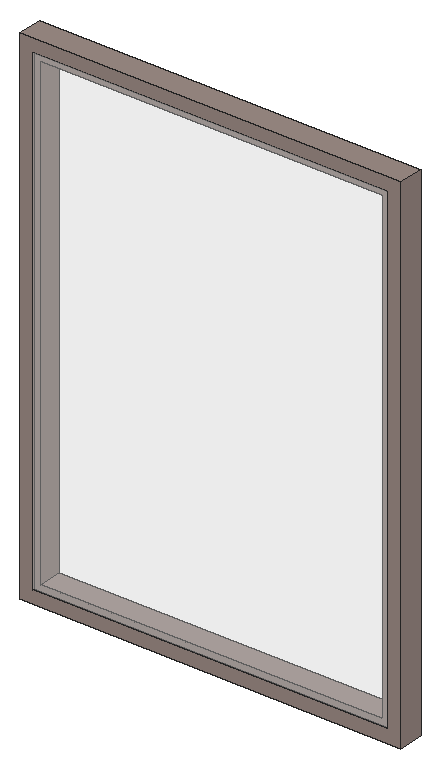
Revit family
Parameters (values of type "900 x 1200 mm")
  Height = 1200 mm
  Glass Panel = Glass (2)
  Frame Width = 45 mm
  Frame Depth = 60 mm
  Frame = Wood
  Default Sill Height = 800 mm
  Wall Closure = (empty or 0)
  Width = 900 mm
Types (4, lengths in mm): name | Height | Width
  (no name) | 1200 | 900
  750 x 1200 mm | 1200 | 750
  900 x 1200 mm | 1200 | 900
  1000 x 1500 mm | 1500 | 1000
Reference planes
  plane 1: y = 0
  plane 2 "Center (Left/Right)": x = 0
  plane 3 "Left": x = -450
  plane 4 "Right": x = 450
  plane 5 "Sill": z = 800
  plane 6 "Head": z = 2000
  plane 7 "Exterior": y = 75
  plane 8 "Interior": y = -75
  plane 9: x = -405
  plane 10: x = 405
  plane 11: y = 30
  plane 12: y = -30
  plane 13: z = 1955
  plane 14: z = 845
Forms (mm)
  Sweep 1, solid, material "Wood" <- "Frame"
    path origin (0, 0, 0) x (1, 0, 0) y (0, 0, 1)
      loop
        line (-450, 800) -> (450, 800) -> (450, 2000) -> (-450, 2000) -> (-450, 800)
    profile origin (0, 0, 1400) x (-1, 0, 0) y (0, -1, 0)
      loop
        line (450, 30) -> (420, 30) -> (420, 25.792) -> (405, 25.792) -> (405, -30) -> (450, -30) -> (450, 30)
  Extrusion 2, solid, material "Glass (2)" <- "Glass Panel"
    sketch origin (-420, -30, 830) x (0, 0, 1) y (-1, 0, 0)
      loop
        line (1140, -840) -> (1140, 0) -> (0, 0) -> (0, -840) -> (1140, -840)
    from -4.208 to 0
Lines and regions (mm)
  Opening 1
    outline origin (3500, -75, 0) x (1, 0, 0) y (0, 0, 1)
      loop
        line (-3050, 800) -> (-3050, 2000) -> (-3950, 2000) -> (-3950, 800) -> (-3050, 800)
  symbolic lines, style "WindowsFrameMullionProjection", detail levels medium+fine
    curve 1: line (-450, 30, 0) -> (-405, 30, 0)
    curve 2: line (-450, 30, 0) -> (-450, -30, 0)
    curve 3: line (-450, -30, 0) -> (-420, -30, 0)
    curve 4: line (-420, -30, 0) -> (-420, -25.792, 0)
    curve 5: line (-420, -25.792, 0) -> (-405, -25.792, 0)
    curve 6: line (-405, -25.792, 0) -> (-405, 30, 0)
    curve 7: line (405, 30, 0) -> (450, 30, 0)
    curve 8: line (405, 30, 0) -> (405, -25.792, 0)
    curve 9: line (450, 30, 0) -> (450, -30, 0)
    curve 10: line (450, -30, 0) -> (420, -30, 0)
    curve 11: line (420, -30, 0) -> (420, -25.792, 0)
    curve 12: line (405, -25.792, 0) -> (420, -25.792, 0)
  symbolic lines, style "WindowsGlassProjection"
    curve 13: line (-420, -25.792, 0) -> (420, -25.792, 0)
    curve 14: line (-420, -30, 0) -> (420, -30, 0)
  symbolic lines, style "WindowsFrameMullionProjection", detail levels coarse
    curve 15: line (-420, -30, 0) -> (-450, -30, 0)
    curve 16: line (-420, 30, 0) -> (-420, -30, 0)
    curve 17: line (-450, 30, 0) -> (-420, 30, 0)
    curve 18: line (-450, -30, 0) -> (-450, 30, 0)
    curve 19: line (420, -30, 0) -> (450, -30, 0)
    curve 20: line (420, 30, 0) -> (420, -30, 0)
    curve 21: line (450, 30, 0) -> (420, 30, 0)
    curve 22: line (450, -30, 0) -> (450, 30, 0)
Text (mm)
  text "EXTERIOR" at (-1963.203, 1332.353, 0), in view "Ref. Level"
  text "INTERIOR" at (-1981.466, -818.386, 0), in view "Ref. Level"
  text "Exterior" at (0, 923.751, 2943.296), in view "Right"
  text "Exterior" at (0, 1040.484, 2685.409), in view "Left"
Dimensions and locks
  equal spacing: plane 3 "Left", plane 2 "Center (Left/Right)", plane 4 "Right"
  "Width": plane 3 "Left" to plane 4 "Right"
  "Height": plane 5 "Sill" to plane 6 "Head"
  "Default Sill Height": plane 5 "Sill" to level
  locked: plane 7 "Exterior" to host wall at 0
  locked: plane 8 "Interior" to host wall
  "Frame Width": plane 3 "Left" to plane 9
  "Frame Width": plane 10 to plane 4 "Right"
  equal spacing: plane 12, plane 1, plane 11
  "Frame Depth": plane 12 to plane 11
  "Frame Width": plane 6 "Head" to plane 13
  "Frame Width": plane 14 to plane 5 "Sill"
  locked: Sweep 1 sketch curve to Sweep 1 sketch curve at 4.208
  locked: Sweep 1 sketch curve to Sweep 1 sketch curve at 15
  equal spacing: plane 8 "Interior", plane 1, plane 7 "Exterior"
  aligned and locked: host wall to Sweep 1 sketch curve
  aligned and locked: Sweep 1 sketch curve to host wall  (x3)
  aligned and locked: plane 12 to Sweep 1 sketch curve
  aligned and locked: Sweep 1 sketch curve to plane 3 "Left"
  aligned and locked: plane 11 to Sweep 1 sketch curve
  aligned and locked: Sweep 1 sketch curve to plane 9  (x2)
  aligned and locked: Extrusion 2 to Sweep 1
  aligned and locked: curve 1 to Sweep 1  (x2)
  aligned and locked: curve 3 to Sweep 1
  aligned and locked: Sweep 1 to curve 4
  aligned and locked: curve 4 to Sweep 1
  aligned and locked: curve 6 to Sweep 1
  aligned and locked: curve 7 to Sweep 1  (x2)
  aligned and locked: Sweep 1 to curve 8
  aligned and locked: curve 9 to Sweep 1
  aligned and locked: curve 10 to Sweep 1
  aligned and locked: curve 11 to Sweep 1  (x2)
  aligned and locked: curve 13 to curve 5
  aligned and locked: plane 12 to curve 14
  aligned and locked: curve 18 to Sweep 1
  aligned and locked: plane 12 to curve 19
  aligned and locked: curve 22 to Sweep 1  (x2)
Automatic sketch dimensions
  Opening 1 sketch curve to plane 3 "Left" = 0 mm
  Opening 1 sketch curve to plane 4 "Right" = 0 mm
  Opening 1 sketch curve to plane 5 "Sill" = 0 mm
  Opening 1 sketch curve to plane 6 "Head" = 0 mm
  plane 14 to Extrusion 2 sketch curve = 15 mm
  Extrusion 2 sketch curve to plane 13 = 15 mm
  plane 10 to Extrusion 2 sketch curve = 15 mm
  Extrusion 2 sketch curve to plane 9 = 15 mm
